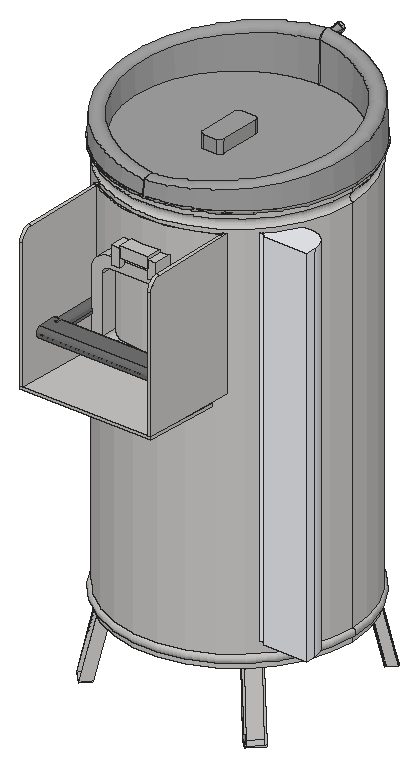
Revit family "QF_ELECTROLUXPROFESSIONAL_602007_T25EF350", category Specialty Equipment, Revit 2018
Family settings
  Round Connector Dimension = Use Diameter
  Part Type = Normal
  Work Plane-Based = No
  Always vertical = Yes
  Cut with Voids When Loaded = No
  Shared = No
  Room Calculation Point = No
Parameters (values of type "QF_ELECTROLUX_602007_T25EF350")
  Weight = 76.50 kg
  Watts = 0 W
  Volts = 220 V
  URL Manufacturer = "http://professional.electrolux.com"
  URL = "http://professional.electrolux.com"
  Steam Supply Size = 0 mm
  Steam Supply Minimum Pressure = 0.0 Pa
  Steam Supply Maximum Pressure = 0.0 Pa
  Steam Pounds per Hour = 0
  Refrigeration Suction Line Size = 0 mm
  Refrigeration Liquid Line Size = 0 mm
  Refrigerant Compressor Remote = yes
  Manufacturer = "Electrolux"
  Phase = 3
  Model = "T25EF350"
  Length Actual = 585.0 mm  # constant formula
  Item Number = "602007"
  Hot Water Size = 0 mm
  Height Actual = 1215.0 mm  # constant formula
  HP = "1.2 HP"
  Gas Size = 0 mm
  Gas KW = 0
  Gas Input Pressure = 0 W
  Direct Waste Size = 80 mm
  Description = "VEG.PEELER-FLAT P+ABR.PL.25KG 230-400/50"
  Depth Actual = 785.0 mm  # constant formula
  Cycle = 50 Hz
  Condensate Return Size = 0 mm
  Compressed Air Volume = 0.0 L/s
  Compressed Air Size = 0 mm
  Compressed Air Pressure = 0.0 Pa
  Cold Water Size = 4267.2 mm
  Accessory = yes
Reference planes
  plane 1 "Center (Front/Back)": y = 0
  plane 2: z = 0
  plane 3 "Center (Left/Right)": x = 0
  plane 4 "BASE": z = 150
  plane 5 "TOP": z = 1065
  plane 6 "FRONT": y = -357.5
  plane 7 "BACK": y = 357.5
  plane 8 "LEFT": x = -292.5
  plane 9 "RIGHT": x = 292.5
  plane 10 "maxTOP": z = 1215
  plane 11 "CenterX": x = -17.5
  plane 12 "panel": y = -153.854
  plane 13 "CenterY": y = 82.5
Forms (mm)
  Extrusion 1, solid, material "QF_Finishes_White"
    sketch origin (15, 33.322, 150) x (-1, 0, 0) y (0, -1, 0)
      loop
        line (-277.5, 138.822) -> (-277.5, 113.822)
        arc (-277.5, 113.822) -> (-263.156, 79.193) -> (-228.526, 64.849) r 48.974
        line (-228.526, 64.849) -> (-207.38, 64.849)
        arc (-207.38, 64.849) -> (-187.353, 99.85) -> (-162.258, 131.415) r 265.602
        line (-162.258, 131.415) -> (-163.019, 132.176) -> (-166.936, 128.259) -> (-177.5, 138.822) -> (-277.5, 138.822)
    from 56.568 to 900.804
  Extrusion 2, solid, material "QF_Finishes_Stainless Steel"
    sketch origin (0, 0, 0) x (0, 1, 0) y (0, 0, 1)
      loop
        line (-357.5, 721.288) -> (-182.5, 713.568) -> (-182.5, 719.093) -> (-357.5, 726.813) -> (-357.5, 721.288)
    from -168.759 to 133.759
  Extrusion 3, solid, material "QF_Finishes_Stainless Steel"
    sketch origin (-44.759, 0, 0) x (0, 1, 0) y (0, 0, -1)
      loop
        line (-357.5, -726.813) -> (-357.5, -1025.804)
        arc (-357.5, -1025.804) -> (-350.178, -1043.482) -> (-332.5, -1050.804) r 25
        line (-332.5, -1050.804) -> (-127.5, -1050.804) -> (-127.5, -718.781) -> (-357.5, -726.813)
    from 117 to 124
  Extrusion 4, solid, material "QF_Finishes_Stainless Steel"
    sketch origin (0, 0, 150) x (-1, 0, 0) y (0, -1, 0)
      loop
        arc (172.251, 140.808) -> (22.607, 184.63) -> (-127.959, 144.09) r 288.186
        line (-127.959, 144.09) -> (-124.477, 136.795)
        arc (-124.477, 136.795) -> (22.609, 176.57) -> (168.759, 133.482) r 280.158
        line (168.759, 133.482) -> (172.251, 140.808)
    from 569.093 to 900.804
  Extrusion 5, solid, material "QF_Finishes_Stainless Steel"
    sketch origin (-17.5, 0, 0) x (0, 0, 1) y (0, -1, 0)
      loop
        circle (832.894, 322.843) r 7
    from -130 to 130
  Extrusion 6, solid, material "QF_Finishes_Rubber Black"
    sketch origin (-17.5, 0, 0) x (0, 0, 1) y (0, -1, 0)
      loop
        arc (844.894, 327.843) -> (822.077, 330.054) -> (832.894, 309.843) r 13
        line (832.894, 309.843) -> (832.894, 285.666)
        arc (832.894, 285.666) -> (838.894, 279.666) -> (844.894, 285.666) r 6
        line (844.894, 285.666) -> (844.894, 327.843)
    from -130 to 130
  Extrusion 7, solid, material "QF_Finishes_Rubber Black"
    sketch origin (-27.476, -357.5, 70) x (-1, 0, 0) y (0, 0, 1)
      loop
        circle (-127.5, 762.394) r 12.5
      loop
        circle (107.547, 762.394) r 12.5
    from 62.138 to 203.646
  Extrusion 8, solid, material "QF_Finishes_Stainless Steel"
    sketch origin (-17.5, 0, 195) x (1, 0, 0) y (0, 0, 1)
      loop
        line (-10, 1005) -> (-7.071, 997.929) -> (0, 995) -> (7.071, 997.929) -> (10, 1005) -> (7.071, 1012.071) -> (0, 1015) -> (-7.071, 1012.071) -> (-10, 1005)
      loop
        circle (0, 1005) r 8
    from -373.585 to -381.017
  Extrusion 9, void
    sketch origin (-17.5, 357.5, 345) x (-1, 0, 0) y (0, 0, 1)
      loop
        circle (0, 330) r 10
    from -157.442 to -143.934
  Extrusion 10, solid, material "QF_Finishes_Gray"
    sketch origin (-17.5, 0, 345) x (1, 0, 0) y (0, 0, 1)
      loop
        circle (0, 330) r 10
    from -208.033 to -187.558
  Revolve 11, solid, material "QF_Finishes_Stainless Steel"
    sketch origin (0, 82.5, 0) x (-1, 0, 0) y (0, 0, 1)
      loop
        line (17.5, 150) -> (283.102, 150) -> (283.102, 160.974)
        arc (283.102, 160.974) -> (289.638, 170.258) -> (283.102, 179.542) r 9.862
        line (283.102, 179.542) -> (283.102, 1059.542)
        arc (283.102, 1059.542) -> (276.862, 1070.408) -> (283.102, 1081.274) r 12.581
        line (283.102, 1081.274) -> (283.102, 1093.788)
        arc (283.102, 1093.788) -> (289.747, 1096.54) -> (292.5, 1103.185) r 9.398
        line (292.5, 1103.185) -> (17.5, 1103.185) -> (17.5, 150)
      axis (17.5, 150) -> (17.5, 1103.185)
    angle from 0 to 360
  SweptBlend 12, solid, material "QF_Finishes_Gray"
    path origin (64.366, 63.98, 1065) x (0.006024, 0.999982, 0) y (0.999982, -0.006024, 0)
      loop
        arc (-238.132, -80.433) -> (15.93, -336.075) -> (273.054, -83.512) r 255.602
    profile origin (-17.5, -173.664, 1065) x (-0.005849, -0.999983, 0) y (0, 0, 1)
      loop
        arc (14.696, 67.651) -> (0, 71.191) -> (-14.696, 67.651) r 32.279
        line (-14.696, 67.651) -> (-18.35, 32.886) -> (18.35, 32.886) -> (14.696, 67.651)
    end profile origin (-17.5, 337.532, 1065) x (-0.005849, 0.999983, 0) y (0, 0, 1)
      loop
        line (-19.398, 32.914) -> (19.398, 32.914) -> (17.099, 133.288)
        arc (17.099, 133.288) -> (0, 150) -> (-17.099, 133.288) r 17.104
        line (-17.099, 133.288) -> (-19.398, 32.914)
  SweptBlend 13, solid, material "QF_Finishes_Gray"
    path origin (0, 0, 1065) x (-1, 0, 0) y (0, -1, 0)
      loop
        arc (17.5, 173.664) -> (-236.607, -81.934) -> (17.5, -337.532) r 255.602
    profile origin (-17.5, -173.664, 1065) x (-0.005849, 0.999983, 0) y (0, 0, 1)
      loop
        line (-14.798, 67.651) -> (-18.452, 32.886) -> (18.247, 32.886) -> (14.593, 67.651)
        spline (14.593, 67.651) -> (12.286, 68.719) -> (9.902, 69.601) -> (7.456, 70.293) -> (4.962, 70.791) -> (2.438, 71.091) -> (-0.102, 71.191) -> (-2.643, 71.091) -> (-5.167, 70.791) -> (-7.66, 70.293) -> (-10.107, 69.601) -> (-12.491, 68.719) -> (-14.798, 67.651)
    end profile origin (-17.5, 337.532, 1065) x (-0.005849, -0.999983, 0) y (0, 0, 1)
      loop
        line (-19.499, 32.914) -> (19.295, 32.914) -> (16.996, 133.288)
        spline (16.996, 133.288) -> (16.332, 137.632) -> (14.582, 141.664) -> (11.863, 145.117) -> (8.354, 147.762) -> (4.287, 149.427) -> (-0.071, 150) -> (-4.43, 149.443) -> (-8.504, 147.794) -> (-12.023, 145.161) -> (-14.755, 141.719) -> (-16.519, 137.694) -> (-17.2, 133.352)
        line (-17.2, 133.352) -> (-19.499, 32.914)
  Extrusion 14, solid, material "QF_Finishes_Gray"
    sketch origin (0, 0, 1065) x (-1, 0, 0) y (0, -1, 0)
      loop
        line (2.5, -112.5) -> (32.5, -112.5)
        arc (32.5, -112.5) -> (39.571, -109.571) -> (42.5, -102.5) r 10
        line (42.5, -102.5) -> (42.5, -12.5)
        arc (42.5, -12.5) -> (39.571, -5.429) -> (32.5, -2.5) r 10
        line (32.5, -2.5) -> (2.5, -2.5)
        arc (2.5, -2.5) -> (-4.571, -5.429) -> (-7.5, -12.5) r 10
        line (-7.5, -12.5) -> (-7.5, -102.5)
        arc (-7.5, -102.5) -> (-4.571, -109.571) -> (2.5, -112.5) r 10
    from 43.406 to 72.383
  Extrusion 15, solid, material "QF_Finishes_Gray"
    sketch origin (0, 0, 1065) x (-1, 0, 0) y (0, -1, 0)
      loop
        circle (16.002, -81.495) r 236.723
    from 43.406 to 38.185
  Extrusion 16, solid, material "QF_Finishes_Stainless Steel"
    sketch origin (9.759, 0, 0) x (0, 1, 0) y (0, 0, 1)
      loop
        line (-357.5, 726.813) -> (-136.795, 719.106) -> (-136.795, 1050.804) -> (-332.5, 1050.804)
        arc (-332.5, 1050.804) -> (-350.178, 1043.482) -> (-357.5, 1025.804) r 25
        line (-357.5, 1025.804) -> (-357.5, 726.813)
    from 117 to 124
  Extrusion 17, solid, material "QF_Finishes_Stainless Steel"
    sketch origin (0, -357.5, 0) x (-1, 0, 0) y (0, 0, 1)
      loop
        line (69.293, 991.706) -> (49.293, 991.706) -> (49.293, 951.706) -> (69.293, 951.706) -> (69.293, 991.706)
      loop
        line (-34.293, 991.706) -> (-34.293, 951.706) -> (-14.293, 951.706) -> (-14.293, 991.706) -> (-34.293, 991.706)
    from 140 to 197
  Extrusion 18, solid, material "QF_Finishes_Stainless Steel"
    sketch origin (5, -357.5, 0) x (-1, 0, 0) y (0, 0, 1)
      loop
        line (87.5, 959.894) -> (-42.5, 959.894)
        arc (-42.5, 959.894) -> (-70.784, 948.178) -> (-82.5, 919.894) r 40
        line (-82.5, 919.894) -> (-82.5, 789.894)
        arc (-82.5, 789.894) -> (-70.784, 761.609) -> (-42.5, 749.894) r 40
        line (-42.5, 749.894) -> (87.5, 749.894)
        arc (87.5, 749.894) -> (115.784, 761.609) -> (127.5, 789.894) r 40
        line (127.5, 789.894) -> (127.5, 919.894)
        arc (127.5, 919.894) -> (115.784, 948.178) -> (87.5, 959.894) r 40
      loop
        line (87.5, 934.894) -> (-42.5, 934.894)
        arc (-42.5, 934.894) -> (-53.107, 930.5) -> (-57.5, 919.894) r 15
        line (-57.5, 919.894) -> (-57.5, 789.894)
        arc (-57.5, 789.894) -> (-53.107, 779.287) -> (-42.5, 774.894) r 15
        line (-42.5, 774.894) -> (87.5, 774.894)
        arc (87.5, 774.894) -> (98.107, 779.287) -> (102.5, 789.894) r 15
        line (102.5, 789.894) -> (102.5, 919.894)
        arc (102.5, 919.894) -> (98.107, 930.5) -> (87.5, 934.894) r 15
    from 150 to 197
  Extrusion 19, solid, material "QF_Finishes_Stainless Steel"
    sketch origin (0, -357.5, 0) x (-1, 0, 0) y (0, 0, 1)
      loop
        line (-14.293, 971.706) -> (49.293, 971.706) -> (49.293, 996.706) -> (-14.293, 996.706) -> (-14.293, 971.706)
    from 197 to 140
  Blend 20, solid, material "QF_Finishes_Stainless Steel"
    base sketch origin (0, 0, 0) x (1, 0, 0) y (0, 1, 0)
      loop
        line (201.823, -108.539) -> (184.146, -90.861) -> (155.861, -119.146) -> (173.539, -136.823) -> (174.953, -135.409) -> (158.69, -119.146) -> (184.146, -93.69) -> (200.409, -109.953) -> (201.823, -108.539)
    top sketch origin (0, 0, 0) x (1, 0, 0) y (0, 1, 0)
      loop
        line (176.754, -83.47) -> (159.077, -65.792) -> (130.792, -94.077) -> (148.47, -111.754) -> (149.884, -110.34) -> (133.621, -94.077) -> (159.077, -68.621) -> (175.34, -84.884) -> (176.754, -83.47)
    from 0 to 150
  Blend 21, solid, material "QF_Finishes_Stainless Steel"
    base sketch origin (0, 0, 0) x (1, 0, 0) y (0, 1, 0)
      loop
        line (-236.823, -108.539) -> (-235.409, -109.953) -> (-219.146, -93.69) -> (-193.69, -119.146) -> (-209.953, -135.409) -> (-208.539, -136.823) -> (-190.861, -119.146) -> (-219.146, -90.861) -> (-236.823, -108.539)
    top sketch origin (0, 0, 0) x (1, 0, 0) y (0, 1, 0)
      loop
        line (-211.754, -83.47) -> (-210.34, -84.884) -> (-194.077, -68.621) -> (-168.621, -94.077) -> (-184.884, -110.34) -> (-183.47, -111.754) -> (-165.792, -94.077) -> (-194.077, -65.792) -> (-211.754, -83.47)
    from 0 to 150
  Blend 22, solid, material "QF_Finishes_Stainless Steel"
    base sketch origin (0, 0, 0) x (1, 0, 0) y (0, 1, 0)
      loop
        line (201.823, 273.539) -> (200.409, 274.953) -> (184.146, 258.69) -> (158.69, 284.146) -> (174.953, 300.409) -> (173.539, 301.823) -> (155.861, 284.146) -> (184.146, 255.861) -> (201.823, 273.539)
    top sketch origin (0, 0, 0) x (1, 0, 0) y (0, 1, 0)
      loop
        line (176.754, 248.47) -> (175.34, 249.884) -> (159.077, 233.621) -> (133.621, 259.077) -> (149.884, 275.34) -> (148.47, 276.754) -> (130.792, 259.077) -> (159.077, 230.792) -> (176.754, 248.47)
    from 0 to 150
  Blend 23, solid, material "QF_Finishes_Stainless Steel"
    base sketch origin (0, 0, 0) x (1, 0, 0) y (0, 1, 0)
      loop
        line (-236.823, 273.539) -> (-219.146, 255.861) -> (-190.861, 284.146) -> (-208.539, 301.823) -> (-209.953, 300.409) -> (-193.69, 284.146) -> (-219.146, 258.69) -> (-235.409, 274.953) -> (-236.823, 273.539)
    top sketch origin (0, 0, 0) x (1, 0, 0) y (0, 1, 0)
      loop
        line (-211.754, 248.47) -> (-194.077, 230.792) -> (-165.792, 259.077) -> (-183.47, 276.754) -> (-184.884, 275.34) -> (-168.621, 259.077) -> (-194.077, 233.621) -> (-210.34, 249.884) -> (-211.754, 248.47)
    from 0 to 150
  Extrusion 24, solid, material "QF_Finishes_Stainless Steel"
    sketch origin (0, 0, 0) x (1, 0, 0) y (0, 1, 0)
      loop
        line (-219.146, -90.861) -> (-236.823, -108.539) -> (-208.539, -136.823) -> (-190.861, -119.146) -> (-219.146, -90.861)
    from 0 to 3
  Extrusion 25, solid, material "QF_Finishes_Stainless Steel"
    sketch origin (-35, 0, 0) x (-1, 0, 0) y (0, -1, 0)
      loop
        line (-219.146, 90.861) -> (-190.861, 119.146) -> (-208.539, 136.823) -> (-236.823, 108.539) -> (-219.146, 90.861)
    from 0 to 3
  Extrusion 26, solid, material "QF_Finishes_Stainless Steel"
    sketch origin (0, 165, 0) x (1, 0, 0) y (0, 1, 0)
      loop
        line (-219.146, 90.861) -> (-190.861, 119.146) -> (-208.539, 136.823) -> (-236.823, 108.539) -> (-219.146, 90.861)
    from 0 to 3
  Extrusion 27, solid, material "QF_Finishes_Stainless Steel"
    sketch origin (-35, 165, 0) x (-1, 0, 0) y (0, -1, 0)
      loop
        line (-219.146, -90.861) -> (-236.823, -108.539) -> (-208.539, -136.823) -> (-190.861, -119.146) -> (-219.146, -90.861)
    from 0 to 3
  Blend 28, solid, material "QF_Finishes_Stainless Steel"
    base sketch origin (0, 357.5, 0) x (-1, 0, 0) y (0, 0, 1)
      loop
        circle (17.5, 550) r 45
    top sketch origin (0, 357.5, 0) x (-1, 0, 0) y (0, 0, 1)
      loop
        circle (17.5, 530) r 45
    from 0 to 51.203
  Extrusion 29, void
    sketch origin (0, 357.5, 0) x (-1, 0, 0) y (0, 0, 1)
      loop
        circle (17.5, 1200) r 8
    from -9.874 to -2.231
  Extrusion 30, solid, material "QF_Finishes_Gray"
    sketch origin (0, -357.5, 0) x (-1, 0, 0) y (0, 0, 1)
      loop
        circle (17.5, 1200) r 8
      loop
        circle (17.5, 1200) r 7
    from 705.126 to 731.085
Cuts and joins
  Extrusion 29 cuts SweptBlend 13
Lines and regions (mm)
  Split face 1
    outline origin (292.5, -105.5, 150) x (-1, 0, 0) y (0, 0, -1)
      loop
        line (84.915, -856.837) -> (84.915, -839.525) -> (34.311, -839.525) -> (34.311, -856.837) -> (84.915, -856.837)
  Split face 2
    outline origin (292.5, -105.5, 150) x (-1, 0, 0) y (0, 0, -1)
      loop
        line (78.34, -826.435) -> (78.34, -833.394) -> (83.261, -838.314) -> (90.22, -838.314) -> (95.141, -833.394) -> (95.141, -826.435) -> (90.22, -821.514) -> (83.261, -821.514) -> (78.34, -826.435)
  Split face 3
    outline origin (327.5, -105.5, 150) x (-1, 0, 0) y (0, 0, -1)
      loop
        line (60.435, -826.435) -> (60.435, -833.394) -> (65.356, -838.314) -> (72.315, -838.314) -> (77.236, -833.394) -> (77.236, -826.435) -> (72.315, -821.514) -> (65.356, -821.514) -> (60.435, -826.435)
  Split face 4
    outline origin (292.5, -105.5, 100) x (-1, 0, 0) y (0, 0, -1)
      loop
        line (78.34, -826.435) -> (78.34, -833.394) -> (83.261, -838.314) -> (90.22, -838.314) -> (95.141, -833.394) -> (95.141, -826.435) -> (90.22, -821.514) -> (83.261, -821.514) -> (78.34, -826.435)
  Split face 5
    outline origin (327.5, -105.5, 100) x (-1, 0, 0) y (0, 0, -1)
      loop
        line (60.435, -826.435) -> (60.435, -833.394) -> (65.356, -838.314) -> (72.315, -838.314) -> (77.236, -833.394) -> (77.236, -826.435) -> (72.315, -821.514) -> (65.356, -821.514) -> (60.435, -826.435)
  symbolic lines
    curve 1: circle (-17.5, 82.5, 0) r 275 normal (0, 0, 1)
    curve 2: line (-225.582, 262.297, 0) -> (-236.823, 273.539, 0)
    curve 3: line (-236.823, 273.539, 0) -> (-208.539, 301.823, 0)
    curve 4: line (-208.539, 301.823, 0) -> (-197.297, 290.582, 0)
    curve 5: line (190.582, 262.297, 0) -> (201.823, 273.539, 0)
    curve 6: line (201.823, 273.539, 0) -> (173.539, 301.823, 0)
    curve 7: line (173.539, 301.823, 0) -> (162.297, 290.582, 0)
    curve 8: line (-225.582, -97.297, 0) -> (-236.823, -108.539, 0)
    curve 9: line (-236.823, -108.539, 0) -> (-208.539, -136.823, 0)
    curve 10: line (-208.539, -136.823, 0) -> (-197.297, -125.582, 0)
    curve 11: line (198.784, -105.5, 0) -> (201.823, -108.539, 0)
    curve 12: line (201.823, -108.539, 0) -> (173.539, -136.823, 0)
    curve 13: line (173.539, -136.823, 0) -> (162.297, -125.582, 0)
    curve 14: line (-42.5, 102.5, 0) -> (-42.5, 12.5, 0)
    curve 15: line (7.5, 12.5, 0) -> (7.5, 102.5, 0)
    curve 16: arc (7.5, 102.5, 0) -> (4.571, 109.571, 0) -> (-2.5, 112.5, 0) r 10
    curve 17: line (-2.5, 112.5, 0) -> (-32.5, 112.5, 0)
    curve 18: arc (-32.5, 112.5, 0) -> (-39.571, 109.571, 0) -> (-42.5, 102.5, 0) r 10
    curve 19: arc (-42.5, 12.5, 0) -> (-39.571, 5.429, 0) -> (-32.5, 2.5, 0) r 10
    curve 20: line (-32.5, 2.5, 0) -> (-2.5, 2.5, 0)
    curve 21: arc (-2.5, 2.5, 0) -> (4.571, 5.429, 0) -> (7.5, 12.5, 0) r 10
    curve 22: line (192.5, -105.5, 0) -> (292.5, -105.5, 0)
    curve 23: line (292.5, -105.5, 0) -> (292.5, -80.5, 0)
    curve 24: arc (292.5, -80.5, 0) -> (278.156, -45.87, 0) -> (243.526, -31.526, 0) r 48.974
    curve 25: line (243.526, -31.526, 0) -> (232.746, -31.526, 0)
    curve 26: line (187.643, -100.643, 0) -> (192.5, -105.5, 0)
    curve 27: line (-168.759, -147.164, 0) -> (-168.759, -357.5, 0)
    curve 28: line (-161.759, -357.5, 0) -> (-161.759, -151.624, 0)
    curve 29: line (-168.759, -357.5, 0) -> (133.759, -357.5, 0)
    curve 30: line (-147.5, -327.843, 0) -> (112.5, -327.843, 0)
    curve 31: line (-69.293, -217.5, 0) -> (34.293, -217.5, 0)
    curve 32: line (-69.293, -187.579, 0) -> (-69.293, -217.5, 0)
    curve 33: line (-49.293, -190.656, 0) -> (-49.293, -217.5, 0)
    curve 34: line (14.293, -217.5, 0) -> (14.293, -190.656, 0)
    curve 35: line (34.293, -217.5, 0) -> (34.293, -187.579, 0)
    curve 36: line (126.759, -151.624, 0) -> (126.759, -357.5, 0)
    curve 37: line (133.759, -357.5, 0) -> (133.759, -147.164, 0)
    curve 38: line (-147.5, -182.5, 0) -> (-161.759, -182.5, 0)
    curve 39: line (-122.5, -207.5, 0) -> (-69.293, -207.5, 0)
    curve 40: line (-122.5, -171.665, 0) -> (-122.5, -281.665, 0)
    curve 41: line (87.5, -207.5, 0) -> (34.293, -207.5, 0)
    curve 42: line (87.5, -171.665, 0) -> (87.5, -281.665, 0)
    curve 43: line (-122.5, -281.665, 0) -> (87.5, -281.665, 0)
    curve 44: line (-147.5, -159.832, 0) -> (-147.5, -327.843, 0)
    curve 45: line (112.5, -159.832, 0) -> (112.5, -327.843, 0)
    curve 46: circle (-17.5, 82.5, 0) r 236.033 normal (0, 0, 1)
Dimensions and locks
  plane 4 "BASE" to level = 150.0 mm
  plane 5 "TOP" to level = 1065.0 mm
  equal spacing: plane 8 "LEFT", plane 3 "Center (Left/Right)", plane 9 "RIGHT"
  equal spacing: plane 7 "BACK", plane 1 "Center (Front/Back)", plane 6 "FRONT"
  plane 5 "TOP" to plane 4 "BASE" to plane 2 = 915.0 mm, 150.0 mm
  plane 5 "TOP" to plane 2 = 1065.0 mm
  plane 10 "maxTOP" to plane 2 = 1215.0 mm  (x2)
  plane 10 "maxTOP" to plane 4 "BASE" = 1065.0 mm
  plane 6 "FRONT" to plane 1 "Center (Front/Back)" to plane 7 "BACK" = 357.5 mm, 357.5 mm
  plane 9 "RIGHT" to plane 8 "LEFT" = 585.0 mm
  plane 6 "FRONT" to plane 7 "BACK" = 715.0 mm
  plane 9 "RIGHT" to plane 3 "Center (Left/Right)" to plane 8 "LEFT" = 292.5 mm, 292.5 mm
  plane 8 "LEFT" to plane 9 "RIGHT" = 585.0 mm
  plane 7 "BACK" to plane 6 "FRONT" = 715.0 mm
  plane 5 "TOP" to plane 4 "BASE" = 915.0 mm
  plane 8 "LEFT" to plane 11 "CenterX" = 275.0 mm
  plane 7 "BACK" to plane 13 "CenterY" = 275.0 mm
  plane 6 "FRONT" to Extrusion 2 = 175.0 mm
  aligned and locked: level to plane 2
Automatic sketch dimensions
  Extrusion 1 sketch curve to plane 9 "RIGHT" = 0.0 mm
  Extrusion 1 sketch curve to plane 11 "CenterX" = 0.0 mm
  Extrusion 1 sketch curve to plane 13 "CenterY" = 0.0 mm
  Extrusion 1 sketch curve to Extrusion 1 sketch curve = 48.974 mm
  Extrusion 1 sketch curve to Extrusion 1 sketch curve = 21.146 mm
  Extrusion 1 sketch curve to Extrusion 1 sketch curve = 51.026 mm
  Extrusion 1 sketch curve to plane 12 "panel" = 58.917 mm
  Extrusion 1 sketch curve to Extrusion 1 sketch curve = 10.564 mm
  Extrusion 1 sketch curve to plane 12 "panel" = 55.0 mm
  Extrusion 1 sketch curve to Extrusion 1 sketch curve = 3.917 mm
  plane 1 "Center (Front/Back)" to Extrusion 1 sketch curve = 98.093 mm
  Extrusion 2 sketch curve to plane 6 "FRONT" = 0.0 mm
  plane 12 "panel" to Extrusion 2 sketch curve = 28.646 mm
  Extrusion 2 sketch curve to plane 5 "TOP" = 351.432 mm
  Extrusion 2 sketch curve to Extrusion 2 sketch curve = 5.525 mm  (x2)
  Extrusion 2 sketch curve to Extrusion 2 sketch curve = 2.195 mm
  Extrusion 3 sketch curve to plane 6 "FRONT" = 0.0 mm
  Extrusion 3 sketch curve to plane 5 "TOP" = 14.196 mm
  plane 6 "FRONT" to Extrusion 3 sketch curve = 25.0 mm
  Extrusion 3 sketch curve to plane 12 "panel" = 26.354 mm
  Extrusion 3 sketch curve to Extrusion 3 sketch curve = 298.991 mm
  Extrusion 3 sketch curve to Extrusion 3 sketch curve = 8.032 mm
  Extrusion 4 sketch curve to plane 12 "panel" = 9.763 mm
  plane 3 "Center (Left/Right)" to Extrusion 4 sketch curve = 127.959 mm
  Extrusion 4 sketch curve to plane 12 "panel" = 17.059 mm
  Extrusion 4 sketch curve to Extrusion 4 sketch curve = 3.482 mm
  Extrusion 4 sketch curve to plane 11 "CenterX" = 1.945 mm
  Extrusion 4 sketch curve to Extrusion 4 sketch curve = 0.012 mm
  Extrusion 4 sketch curve to plane 12 "panel" = 20.372 mm
  Extrusion 4 sketch curve to plane 3 "Center (Left/Right)" = 168.759 mm
  Extrusion 4 sketch curve to plane 12 "panel" = 13.046 mm
  Extrusion 4 sketch curve to Extrusion 4 sketch curve = 3.491 mm
  Extrusion 5 sketch curve to Extrusion 5 sketch curve = 0.0 mm  (x2)
  plane 6 "FRONT" to Extrusion 5 sketch curve = 34.657 mm
  Extrusion 5 sketch curve to plane 5 "TOP" = 232.106 mm
  Extrusion 5 sketch curve to Extrusion 5 sketch curve = 7.0 mm
  plane 6 "FRONT" to Extrusion 6 sketch curve = 47.657 mm
  Extrusion 6 sketch curve to plane 5 "TOP" = 232.106 mm
  Extrusion 6 sketch curve to Extrusion 6 sketch curve = 6.0 mm
  Extrusion 6 sketch curve to Extrusion 6 sketch curve = 24.177 mm
  Extrusion 6 sketch curve to Extrusion 6 sketch curve = 13.0 mm
  plane 3 "Center (Left/Right)" to Extrusion 7 sketch curve = 100.024 mm
  Extrusion 7 sketch curve to plane 11 "CenterX" = 117.524 mm
  Extrusion 7 sketch curve to plane 5 "TOP" = 232.606 mm  (x2)
  Extrusion 8 sketch curve to plane 11 "CenterX" = 0.0 mm  (x3)
  Extrusion 8 sketch curve to plane 11 "CenterX" = 7.071 mm  (x2)
  Extrusion 8 sketch curve to Extrusion 8 sketch curve = 2.929 mm  (x4)
  plane 11 "CenterX" to Extrusion 8 sketch curve = 7.071 mm  (x2)
  Extrusion 8 sketch curve to plane 3 "Center (Left/Right)" = 7.5 mm
  plane 5 "TOP" to Extrusion 8 sketch curve = 125.0 mm
  Extrusion 8 sketch curve to Extrusion 8 sketch curve = 7.071 mm  (x4)
  Extrusion 8 sketch curve to Extrusion 8 sketch curve = 10.0 mm
  Extrusion 9 sketch curve to plane 3 "Center (Left/Right)" = 17.5 mm
  plane 4 "BASE" to Extrusion 9 sketch curve = 525.0 mm
  Extrusion 10 sketch curve to plane 3 "Center (Left/Right)" = 17.5 mm
  plane 4 "BASE" to Extrusion 10 sketch curve = 525.0 mm
  Split face 1 sketch curve to Extrusion 1 = 34.311 mm
  Split face 1 sketch curve to Extrusion 1 = 15.085 mm
  Split face 1 sketch curve to Extrusion 1 = 43.967 mm
  Split face 1 sketch curve to Split face 1 sketch curve = 17.312 mm
  Split face 2 sketch curve to Extrusion 1 = 21.66 mm
  Split face 2 sketch curve to Split face 2 sketch curve = 4.921 mm  (x5)
  Split face 2 sketch curve to Split face 2 sketch curve = 6.959 mm  (x4)
  Split face 2 sketch curve to Extrusion 1 = 4.859 mm
  Split face 2 sketch curve to Extrusion 1 = 62.49 mm
  Split face 3 sketch curve to Extrusion 1 = 25.435 mm
  Split face 3 sketch curve to Split face 3 sketch curve = 4.921 mm  (x6)
  Split face 3 sketch curve to Split face 3 sketch curve = 6.959 mm  (x4)
  Split face 3 sketch curve to Extrusion 1 = 62.49 mm
  Split face 4 sketch curve to Extrusion 1 = 21.66 mm
  Split face 4 sketch curve to Split face 4 sketch curve = 4.921 mm  (x5)
  Split face 4 sketch curve to Split face 4 sketch curve = 6.959 mm  (x4)
  Split face 4 sketch curve to Extrusion 1 = 4.859 mm
  Split face 4 sketch curve to Extrusion 1 = 112.49 mm
  Split face 5 sketch curve to Extrusion 1 = 25.435 mm
  Split face 5 sketch curve to Split face 5 sketch curve = 4.921 mm  (x6)
  Split face 5 sketch curve to Split face 5 sketch curve = 6.959 mm  (x4)
  Split face 5 sketch curve to Extrusion 1 = 112.49 mm
  Revolve 11 sketch curve to plane 4 "BASE" = 0.0 mm  (x2)
  Revolve 11 sketch curve to plane 11 "CenterX" = 0.0 mm  (x2)
  Revolve 11 sketch curve to plane 8 "LEFT" = 0.0 mm
  plane 8 "LEFT" to Revolve 11 sketch curve = 12.724 mm
  plane 8 "LEFT" to Revolve 11 sketch curve = 9.398 mm  (x3)
  plane 8 "LEFT" to Revolve 11 sketch curve = 3.057 mm
  plane 4 "BASE" to Revolve 11 sketch curve = 10.974 mm
  Revolve 11 sketch curve to Revolve 11 sketch curve = 9.284 mm
  Revolve 11 sketch curve to plane 5 "TOP" = 5.458 mm
  plane 5 "TOP" to Revolve 11 sketch curve = 5.408 mm
  Revolve 11 sketch curve to Revolve 11 sketch curve = 12.513 mm
  plane 10 "maxTOP" to Revolve 11 sketch curve = 75.0 mm
  SweptBlend 12 sketch curve to plane 11 "CenterX" = 0.0 mm  (x2)
  plane 13 "CenterY" to SweptBlend 12 sketch curve = 0.566 mm
  SweptBlend 12 sketch curve to plane 11 "CenterX" = 1.495 mm
  SweptBlend 12 sketch curve to SweptBlend 12 sketch curve = 255.602 mm
  SweptBlend 12 sketch curve to profile plane = 0.0 mm  (x2)
  profile plane to SweptBlend 12 sketch curve = 14.696 mm
  profile plane to SweptBlend 12 sketch curve = 18.35 mm
  SweptBlend 12 sketch curve to profile plane = 14.696 mm
  SweptBlend 12 sketch curve to profile plane = 18.35 mm
  plane 5 "TOP" to SweptBlend 12 sketch curve = 32.886 mm
  SweptBlend 12 sketch curve to SweptBlend 12 sketch curve = 6.026 mm
  SweptBlend 12 sketch curve to SweptBlend 12 sketch curve = 28.739 mm
  profile plane to SweptBlend 12 sketch curve = 17.099 mm
  profile plane to SweptBlend 12 sketch curve = 19.398 mm
  SweptBlend 12 sketch curve to profile plane = 17.099 mm
  SweptBlend 12 sketch curve to profile plane = 19.398 mm
  plane 5 "TOP" to SweptBlend 12 sketch curve = 32.914 mm
  SweptBlend 12 sketch curve to SweptBlend 12 sketch curve = 99.982 mm
  SweptBlend 12 sketch curve to SweptBlend 12 sketch curve = 0.392 mm
  SweptBlend 13 sketch curve to plane 11 "CenterX" = 0.0 mm  (x2)
  SweptBlend 13 sketch curve to plane 13 "CenterY" = 0.566 mm
  SweptBlend 13 sketch curve to plane 11 "CenterX" = 1.495 mm
  SweptBlend 13 sketch curve to plane 7 "BACK" = 19.968 mm
  profile plane to SweptBlend 13 sketch curve = 18.452 mm
  profile plane to SweptBlend 13 sketch curve = 14.798 mm
  SweptBlend 13 sketch curve to profile plane = 14.593 mm
  SweptBlend 13 sketch curve to profile plane = 18.247 mm
  plane 5 "TOP" to SweptBlend 13 sketch curve = 32.886 mm
  SweptBlend 13 sketch curve to SweptBlend 13 sketch curve = 34.765 mm
  SweptBlend 13 sketch curve to SweptBlend 13 sketch curve = 0.0 mm  (x3)
  SweptBlend 13 sketch curve to SweptBlend 13 sketch curve = 6.026 mm
  SweptBlend 13 sketch curve to SweptBlend 13 sketch curve = 3.54 mm
  profile plane to SweptBlend 13 sketch curve = 19.499 mm
  profile plane to SweptBlend 13 sketch curve = 17.2 mm
  SweptBlend 13 sketch curve to profile plane = 19.295 mm
  plane 5 "TOP" to SweptBlend 13 sketch curve = 32.914 mm
  SweptBlend 13 sketch curve to SweptBlend 13 sketch curve = 100.438 mm
  profile plane to SweptBlend 13 sketch curve = 0.103 mm
  SweptBlend 13 sketch curve to profile plane = 16.996 mm
  SweptBlend 13 sketch curve to SweptBlend 13 sketch curve = 0.456 mm
  SweptBlend 13 sketch curve to SweptBlend 13 sketch curve = 0.392 mm
  plane 3 "Center (Left/Right)" to Extrusion 14 sketch curve = 7.5 mm
  Extrusion 14 sketch curve to plane 3 "Center (Left/Right)" = 2.5 mm  (x2)
  Extrusion 14 sketch curve to plane 1 "Center (Front/Back)" = 2.5 mm
  Extrusion 14 sketch curve to plane 11 "CenterX" = 15.0 mm  (x2)
  Extrusion 14 sketch curve to Extrusion 14 sketch curve = 10.0 mm
  plane 13 "CenterY" to Extrusion 14 sketch curve = 20.0 mm
  plane 11 "CenterX" to Extrusion 15 sketch curve = 1.498 mm
  Extrusion 15 sketch curve to plane 13 "CenterY" = 1.005 mm
  Extrusion 16 sketch curve to plane 6 "FRONT" = 0.0 mm
  Extrusion 16 sketch curve to plane 5 "TOP" = 14.196 mm
  plane 6 "FRONT" to Extrusion 16 sketch curve = 25.0 mm
  Extrusion 16 sketch curve to plane 12 "panel" = 17.059 mm
  Extrusion 16 sketch curve to Extrusion 16 sketch curve = 298.991 mm
  Extrusion 16 sketch curve to Extrusion 16 sketch curve = 7.707 mm
  plane 3 "Center (Left/Right)" to Extrusion 17 sketch curve = 34.293 mm
  plane 3 "Center (Left/Right)" to Extrusion 17 sketch curve = 14.293 mm
  Extrusion 17 sketch curve to plane 11 "CenterX" = 31.793 mm
  Extrusion 17 sketch curve to Extrusion 17 sketch curve = 20.0 mm
  Extrusion 17 sketch curve to plane 5 "TOP" = 113.294 mm
  Extrusion 17 sketch curve to Extrusion 17 sketch curve = 0.0 mm
  Extrusion 17 sketch curve to Extrusion 17 sketch curve = 40.0 mm  (x2)
  Extrusion 18 sketch curve to Extrusion 18 sketch curve = 0.0 mm  (x8)
  plane 3 "Center (Left/Right)" to Extrusion 18 sketch curve = 87.5 mm
  Extrusion 18 sketch curve to Extrusion 18 sketch curve = 25.0 mm
  Extrusion 18 sketch curve to Extrusion 18 sketch curve = 15.0 mm  (x3)
  Extrusion 18 sketch curve to plane 11 "CenterX" = 65.0 mm  (x2)
  Extrusion 18 sketch curve to plane 5 "TOP" = 315.106 mm
  Extrusion 18 sketch curve to Extrusion 18 sketch curve = 130.0 mm
  plane 3 "Center (Left/Right)" to Extrusion 19 sketch curve = 14.293 mm
  Extrusion 19 sketch curve to plane 11 "CenterX" = 31.793 mm
  Extrusion 19 sketch curve to plane 5 "TOP" = 93.294 mm
  Extrusion 19 sketch curve to Extrusion 19 sketch curve = 25.0 mm
  plane 9 "RIGHT" to Blend 20 sketch curve = 136.639 mm
  Blend 20 sketch curve to plane 12 "panel" = 34.708 mm
  Blend 20 sketch curve to Blend 20 sketch curve = 2.828 mm  (x2)
  Blend 20 sketch curve to plane 12 "panel" = 17.03 mm
  Blend 20 sketch curve to Blend 20 sketch curve = 14.849 mm  (x2)
  Blend 20 sketch curve to plane 12 "panel" = 18.444 mm
  Blend 20 sketch curve to plane 12 "panel" = 62.992 mm
  Blend 20 sketch curve to plane 12 "panel" = 60.164 mm
  Blend 20 sketch curve to plane 12 "panel" = 43.9 mm
  plane 3 "Center (Left/Right)" to Blend 20 sketch curve = 130.792 mm
  Blend 20 sketch curve to plane 12 "panel" = 42.099 mm
  Blend 20 sketch curve to plane 12 "panel" = 43.514 mm
  Blend 20 sketch curve to Blend 20 sketch curve = 1.414 mm
  plane 1 "Center (Front/Back)" to Blend 20 sketch curve = 65.792 mm
  plane 1 "Center (Front/Back)" to Blend 20 sketch curve = 68.621 mm
  Blend 20 sketch curve to plane 12 "panel" = 68.969 mm
  plane 8 "LEFT" to Blend 21 sketch curve = 55.677 mm
  Blend 21 sketch curve to Blend 21 sketch curve = 1.414 mm  (x4)
  Blend 21 sketch curve to Blend 21 sketch curve = 16.263 mm  (x2)
  Blend 21 sketch curve to Blend 21 sketch curve = 0.0 mm
  Blend 21 sketch curve to plane 12 "panel" = 18.444 mm
  Blend 21 sketch curve to Blend 21 sketch curve = 25.456 mm  (x2)
  Blend 21 sketch curve to plane 12 "panel" = 17.03 mm
  Blend 21 sketch curve to plane 12 "panel" = 34.708 mm
  plane 8 "LEFT" to Blend 21 sketch curve = 80.746 mm
  plane 1 "Center (Front/Back)" to Blend 21 sketch curve = 68.621 mm
  plane 1 "Center (Front/Back)" to Blend 21 sketch curve = 65.792 mm
  Blend 21 sketch curve to plane 12 "panel" = 43.514 mm
  Blend 21 sketch curve to plane 12 "panel" = 42.099 mm
  plane 9 "RIGHT" to Blend 22 sketch curve = 136.639 mm
  Blend 22 sketch curve to plane 7 "BACK" = 73.354 mm
  Blend 22 sketch curve to Blend 22 sketch curve = 2.828 mm  (x2)
  Blend 22 sketch curve to plane 7 "BACK" = 55.677 mm
  Blend 22 sketch curve to Blend 22 sketch curve = 14.849 mm  (x2)
  Blend 22 sketch curve to plane 7 "BACK" = 57.091 mm
  Blend 22 sketch curve to plane 7 "BACK" = 101.639 mm
  Blend 22 sketch curve to plane 7 "BACK" = 98.81 mm
  Blend 22 sketch curve to plane 7 "BACK" = 82.547 mm
  plane 3 "Center (Left/Right)" to Blend 22 sketch curve = 130.792 mm
  Blend 22 sketch curve to plane 7 "BACK" = 98.423 mm
  Blend 22 sketch curve to plane 7 "BACK" = 80.746 mm
  Blend 22 sketch curve to plane 7 "BACK" = 82.16 mm
  Blend 22 sketch curve to plane 7 "BACK" = 126.708 mm
  Blend 22 sketch curve to plane 7 "BACK" = 123.879 mm
  Blend 22 sketch curve to plane 7 "BACK" = 107.616 mm
  plane 8 "LEFT" to Blend 23 sketch curve = 55.677 mm
  Blend 23 sketch curve to Blend 23 sketch curve = 1.414 mm  (x4)
  Blend 23 sketch curve to Blend 23 sketch curve = 16.263 mm  (x4)
  Blend 23 sketch curve to Blend 23 sketch curve = 0.0 mm  (x2)
  Blend 23 sketch curve to Blend 23 sketch curve = 25.456 mm  (x2)
  Blend 23 sketch curve to plane 7 "BACK" = 55.677 mm
  Blend 23 sketch curve to plane 7 "BACK" = 73.354 mm
  plane 8 "LEFT" to Blend 23 sketch curve = 80.746 mm
  Blend 23 sketch curve to plane 7 "BACK" = 80.746 mm
  Blend 23 sketch curve to plane 7 "BACK" = 98.423 mm
  plane 8 "LEFT" to Extrusion 24 sketch curve = 55.677 mm
  Extrusion 24 sketch curve to plane 12 "panel" = 17.03 mm
  Extrusion 24 sketch curve to Extrusion 24 sketch curve = 28.284 mm
  plane 1 "Center (Front/Back)" to Extrusion 24 sketch curve = 90.861 mm
  Extrusion 24 sketch curve to Extrusion 24 sketch curve = 17.678 mm
  Extrusion 25 sketch curve to plane 9 "RIGHT" = 90.677 mm
  plane 12 "panel" to Extrusion 25 sketch curve = 17.03 mm
  Extrusion 25 sketch curve to Extrusion 25 sketch curve = 28.284 mm
  Extrusion 25 sketch curve to plane 1 "Center (Front/Back)" = 90.861 mm
  Extrusion 25 sketch curve to Extrusion 25 sketch curve = 17.678 mm
  Extrusion 26 sketch curve to plane 8 "LEFT" = 55.677 mm
  plane 7 "BACK" to Extrusion 26 sketch curve = 55.677 mm
  Extrusion 26 sketch curve to Extrusion 26 sketch curve = 28.284 mm  (x2)
  Extrusion 26 sketch curve to Extrusion 26 sketch curve = 17.678 mm
  plane 9 "RIGHT" to Extrusion 27 sketch curve = 90.677 mm
  Extrusion 27 sketch curve to plane 7 "BACK" = 55.677 mm
  Extrusion 27 sketch curve to Extrusion 27 sketch curve = 28.284 mm  (x2)
  Extrusion 27 sketch curve to Extrusion 27 sketch curve = 17.678 mm
  Blend 28 sketch curve to plane 11 "CenterX" = 0.0 mm  (x2)
  plane 4 "BASE" to Blend 28 sketch curve = 400.0 mm
  Extrusion 29 sketch curve to plane 11 "CenterX" = 0.0 mm
  Extrusion 29 sketch curve to plane 10 "maxTOP" = 15.0 mm
  Extrusion 30 sketch curve to plane 11 "CenterX" = 0.0 mm
  Extrusion 30 sketch curve to plane 10 "maxTOP" = 15.0 mm
  Extrusion 30 sketch curve to Extrusion 30 sketch curve = 8.0 mm
  Extrusion 30 sketch curve to Extrusion 30 sketch curve = 0.0 mm  (x2)
  Extrusion 30 sketch curve to Extrusion 30 sketch curve = 1.0 mm
  plane 4 "BASE" to Blend 28 sketch curve = 380.0 mm
  curve 1 to curve 46 = 0.0 mm  (x2)
  curve 27 to plane 6 "FRONT" = 0.0 mm
  curve 1 to plane 11 "CenterX" = 0.0 mm
  curve 22 to plane 9 "RIGHT" = 0.0 mm
  curve 1 to plane 13 "CenterY" = 0.0 mm
  curve 19 to plane 11 "CenterX" = 15.0 mm
  curve 17 to plane 11 "CenterX" = 15.0 mm
  curve 14 to curve 18 = 10.0 mm
  curve 31 to plane 11 "CenterX" = 51.793 mm
  curve 43 to curve 31 = 53.207 mm
  curve 44 to curve 40 = 25.0 mm
  curve 29 to curve 30 = 21.259 mm
  curve 10 to plane 12 "panel" = 17.03 mm
  curve 10 to curve 27 = 39.78 mm
  plane 8 "LEFT" to curve 3 = 83.961 mm
  curve 9 to curve 9 = 28.284 mm  (x2)
  curve 3 to curve 3 = 28.284 mm
  curve 20 to plane 3 "Center (Left/Right)" = 2.5 mm
  curve 17 to plane 3 "Center (Left/Right)" = 2.5 mm
  plane 3 "Center (Left/Right)" to curve 15 = 7.5 mm
  plane 3 "Center (Left/Right)" to curve 35 = 34.293 mm
  curve 31 to curve 43 = 53.207 mm
  curve 42 to curve 30 = 25.0 mm
  curve 30 to curve 37 = 21.259 mm
  curve 7 to plane 7 "BACK" = 55.677 mm
  plane 9 "RIGHT" to curve 7 = 118.961 mm
  curve 13 to plane 12 "panel" = 17.03 mm
  curve 37 to curve 13 = 39.78 mm
  curve 26 to plane 12 "panel" = 48.354 mm
  curve 12 to curve 26 = 18.961 mm
  curve 11 to plane 12 "panel" = 45.315 mm
  curve 22 to curve 11 = 9.323 mm
  curve 6 to curve 5 = 28.284 mm
  plane 9 "RIGHT" to curve 25 = 48.974 mm
  plane 6 "FRONT" to curve 30 = 29.657 mm
  curve 30 to curve 40 = 46.178 mm
  plane 12 "panel" to curve 31 = 63.646 mm
  curve 11 to curve 24 = 28.039 mm
  curve 20 to plane 1 "Center (Front/Back)" = 2.5 mm
  plane 13 "CenterY" to curve 18 = 20.0 mm
  curve 5 to curve 6 = 28.284 mm
  curve 2 to plane 7 "BACK" = 83.961 mm
  curve 2 to curve 4 = 28.284 mm
  curve 31 to curve 33 = 20.0 mm
  curve 38 to curve 38 = 14.259 mm
  curve 10 to plane 12 "panel" = 28.272 mm
  plane 3 "Center (Left/Right)" to curve 34 = 14.293 mm
  curve 36 to plane 12 "panel" = 2.229 mm
  curve 26 to plane 12 "panel" = 53.211 mm
  curve 31 to curve 39 = 10.0 mm
  curve 31 to curve 41 = 10.0 mm
  curve 38 to curve 44 = 22.668 mm
  radius of Extrusion 7 sketch curve = 12.5 mm  (x2)
  radius of Extrusion 8 sketch curve = 8.0 mm
  radius of Extrusion 9 sketch curve = 10.0 mm
  radius of Extrusion 10 sketch curve = 10.0 mm
  radius of Extrusion 15 sketch curve = 236.723 mm
  radius of Blend 28 sketch curve = 45.0 mm  (x2)
  radius of Extrusion 29 sketch curve = 8.0 mm
  radius of curve 46 = 236.033 mm
Connectors
  electrical at (-17.5, 208.033, 675), driven by "Volts"
    settings: on Extrusion 10, index 1, voltage 220 V, apparent load 0 VA, apparent load phase1 0 VA, apparent load phase2 0 VA, apparent load phase3 0 VA, power factor 1, load classification "Other", number of poles 1, system type 30, power factor state 1, is connector primary yes, connector utility no, sub classification motor no, connector description "Electrical Connection"
  piping at (-17.5, 381.017, 1200), diameter 9.5
    settings: on Extrusion 8, index 2, connector inside diameter 609.6 mm, connector length 0.0 mm, flow factor 0, pipe flow 0.0 L/s, pressure drop 0.0 Pa, fitting loss kfactor 0, connector angle 0.00°, fixture units 0, engagement length 0.0 mm, angle of deflection 0.00°, flow configuration 1, flow direction 1, fitting loss method 0, system type 20, joint type 0, gender type 0, connector reference index -1, connector utility 0, adjustable connector no, is connector primary yes, connector description "Cold Water Inlet 1"
  piping at (-17.5, 408.703, 530), diameter 90
    settings: on Blend 28, index 3, connector inside diameter 609.6 mm, connector length 0.0 mm, flow factor 0, pipe flow 0.0 L/s, pressure drop 0.0 Pa, fitting loss kfactor 0, connector angle 0.00°, fixture units 0, engagement length 0.0 mm, angle of deflection 0.00°, flow configuration 1, flow direction 2, fitting loss method 0, system type 16, joint type 0, gender type 0, connector reference index -1, connector utility 0, adjustable connector no, is connector primary no, connector description "Drain"
